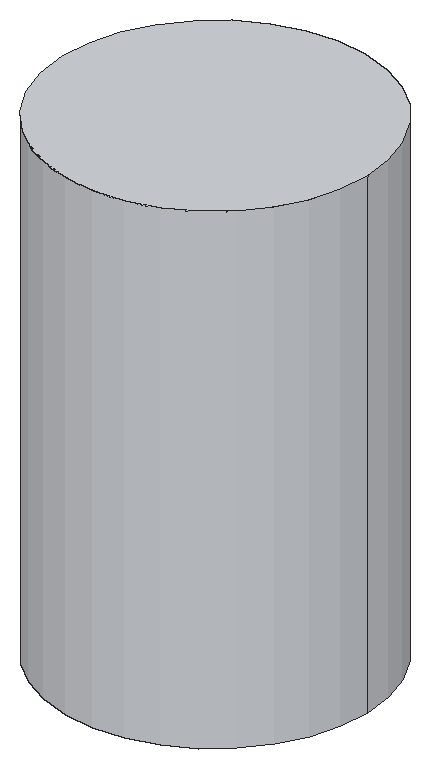
Revit family "StructuralFoundations_CircleProfile", category Structural Foundations, Revit 2021
Family settings
  Material for Model Behavior = Concrete
  Cap = No
  Work Plane-Based = No
  Always vertical = Yes
  Cut with Voids When Loaded = No
  Shared = Yes
Parameters (values of type "RC PILE")
  Type Comments = ""
  Structural Material = <By Category>
  Pile Length [instance] = Pile Depth + Pile Embedment  # 1575 mm
  Pile Embedment [instance] = 75 mm  # constant formula
  Pile Depth [instance] = 1500 mm
  Keynote = ""
  Diameter = 1000 mm
  Description = ""
  Assembly Code = ""
Reference planes
  plane 1 "Center (Front/Back)": y = 0
  plane 2: z = 0
  plane 3 "Center (Left/Right)": x = 0
  plane 4: z = 75
  plane 5: z = -1500
Forms (mm)
  Extrusion 1, solid
    sketch origin (0, 0, 0) x (1, 0, 0) y (0, 1, 0)
      loop
        circle (0, 0) r 500
    from -1500 to 75
Lines and regions (mm)
  symbolic lines, style "HiddenStructuralFoundationLines"
    curve 1: line (-500, 0, 75) -> (500, 0, 75)
    curve 2: line (500, 0, 75) -> (500, 0, 0)
    curve 3: line (-500, 0, 75) -> (-500, 0, 0)
    curve 4: line (0, 500, 75) -> (0, -500, 75)
    curve 5: line (0, -500, 75) -> (0, -500, 0)
    curve 6: line (0, 500, 75) -> (0, 500, 0)
Dimensions and locks
  level to plane 4 = 75 mm
  equal spacing: curve 3, plane 3 "Center (Left/Right)", curve 2
  "Diameter": curve 3 to curve 2
  equal spacing: curve 6, plane 1 "Center (Front/Back)", curve 5
  "Diameter": curve 6 to curve 5
  "Pile Depth": plane 2 to plane 5
  "Pile Embedment": plane 4 to plane 2
  "Diameter": diameter of Extrusion 1
  "Diameter": diameter of Extrusion 1 sketch curve
  aligned and locked: plane 4 to Extrusion 1
  aligned and locked: curve 1 to plane 4
  aligned and locked: Extrusion 1 to plane 4
  aligned and locked: Extrusion 1 to plane 5
  aligned and locked: curve 4 to plane 4
Automatic sketch dimensions
  plane 1 "Center (Front/Back)" to Extrusion 1 sketch curve = 0 mm
  Extrusion 1 sketch curve to plane 3 "Center (Left/Right)" = 0 mm
  curve 2 to level = 0 mm
  curve 3 to level = 0 mm
  curve 5 to level = 0 mm
  curve 6 to level = 0 mm
